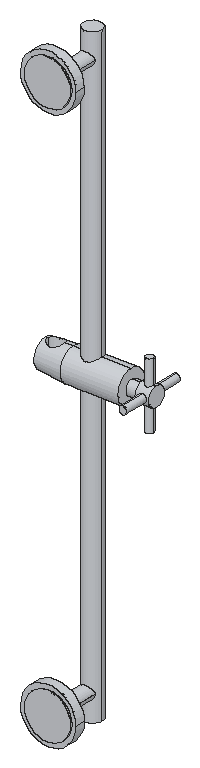
Revit family "SA-1010", category Plumbing Fixtures, host Wall, Revit 2023
Family settings
  Host = Wall
  Round Connector Dimension = Use Diameter
  Part Type = Normal
  OmniClass Number = 23.45.00.00
  OmniClass Title = Sanitary, Laundry, and Cleaning Equipment
  Enable Cutting in Views = No
  Always vertical = Yes
  Cut with Voids When Loaded = No
  Maintain Annotation Orientation = No
  Shared = No
  Room Calculation Point = No
Parameters
  Material = Stainless Steel, Polished
  Default Elevation = 0"
Reference planes (in)
  plane 1: y = 0
  plane 2 "Center (Left/Right)": x = -0.47711
  plane 3 "Back": y = 3
  plane 4: y = 5.6875
  plane 5: y = 4.89813
Text (in)
  text "Placement Side" at (0, 40.15149, 123.01588), in view "Left"
  text "Placement Side" at (-70.3804, 45.82615, 0), in view "Ref. Level"
  text "Placement Side" at (0, 47.49176, 113.10569), in view "Right"
Dimensions and locks (in)
  locked: plane 3 "Back" to host wall
  nested 1 to nested 1 = 23.62205"
  nested 1 to nested 1 = 4 5/8"
  nested 1 to nested 1 = 25 3/4"  (x2)
  host wall to plane 4 = 2 11/16"
  nested 1 to plane 5 = 1 15/16"
  diameter of nested 1 = 2 5/16"
Nested families (in)
  nested 1: "SA-1010" at (-0.47711, 3, 12.96727) x (-1, 0, 0) z (0, 1, 0), type "SA-1010"
Definition of nested family "SA-1010"
  Parameters (values of type "SA-1010")
    Material = none
    Default Elevation = 48"
    Bar Length = 23.62205"
  Reference planes (in)
    plane 1 "Center (Front/Back)": y = 0
    plane 2: z = 0
    plane 3 "Center (Left/Right)": x = 0
    plane 4: y = 11.81102
    plane 5: y = -11.81102
    plane 6: y = 0
    plane 7: z = 2.2938
    plane 8: x = -2.37156
    plane 9: x = 1.49606
    plane 10: z = 2.6875
  Forms (in)
    Extrusion 1, solid
      sketch origin (0, 0, 0) x (1, 0, 0) y (0, 1, 0)
        loop
          line (-48, 48) -> (-48, -48) -> (48, -48) -> (48, 48) -> (-48, 48)
      from 0 to -12
    Extrusion 2, solid, material <- "Material"
      sketch origin (0, 0, 0) x (1, 0, 0) y (0, 1, 0)
        loop
          circle (0, 11.81102) r 1.15625
        loop
          circle (0, -11.81102) r 1.15625
      from 0 to 0.39453
    Extrusion 3, solid, material <- "Material"
      sketch origin (-32.99761, -11.81102, 48) x (-1, 0, 0) y (0, 0, 1)
        loop
          circle (-32.99761, -45.7062) r 0.3937
      from -1.06398 to 24.68602
    Extrusion 4, solid, material <- "Material"
      sketch origin (0, 0, 0.39453) x (1, 0, 0) y (0, 1, 0)
        loop
          circle (0, 11.81102) r 0.29528
        loop
          circle (0, -11.81102) r 0.29528
      from 0 to 1.89927
    Extrusion 5, solid, material <- "Material"
      sketch origin (0, 0, 0) x (0, 1, 0) y (0, 0, 1)
        loop
          circle (0, 2.2938) r 0.68898
      from -1.61417 to 0.7874
    Blend 6, solid, material <- "Material"
      base sketch origin (0.7874, 0, 0) x (0, 1, 0) y (0, 0, 1)
        loop
          circle (0, 2.2938) r 0.68898
      top sketch origin (0.7874, 0, 0) x (0, 1, 0) y (0, 0, 1)
        loop
          circle (0, 2.2938) r 0.59055
      from 0 to 1.1811
    Extrusion 7, solid, material <- "Material"
      sketch origin (-1.61417, 0, 0) x (0, -1, 0) y (0, 0, 1)
        loop
          circle (0, 2.2938) r 0.31496
      from 0 to 0.47244
    Extrusion 8, solid, material <- "Material"
      sketch origin (-2.08661, 0, 0) x (0, -1, 0) y (0, 0, 1)
        loop
          circle (0, 2.2938) r 0.3937
      from 0 to 0.56988
    Extrusion 9, solid, material <- "Material"
      sketch origin (-1.66956, 0, 48) x (-1, 0, 0) y (0, 0, 1)
        loop
          circle (0.702, -45.7062) r 0.15748
      from -1.37795 to 1.37795
    Extrusion 10, solid, material <- "Material"
      sketch origin (0, 2.21903, 2.2938) x (0, -1, 0) y (1, 0, 0)
        loop
          circle (2.21903, -2.37156) r 0.15748
      from -1.37795 to 1.37795
    Extrusion 11, void
      sketch origin (-1.66956, 0, 48) x (1, 0, 0) y (0, 0, 1)
        loop
          circle (3.16562, -45.7062) r 0.35433
      from -1.37795 to 1.37795
    Extrusion 12, solid, material <- "Material"
      sketch origin (0, 0, 0) x (0, 1, 0) y (1, 0, 0)
        loop
          circle (11.81102, 0) r 0.9594
        loop
          circle (-11.81102, 0) r 0.9594
      from 0 to 0.03937
  Cuts and joins
    Extrusion 11 cuts Blend 6
    joined: Extrusion 2, Extrusion 3, Extrusion 4, Extrusion 5, Blend 6, Extrusion 7, Extrusion 8, Extrusion 9, Extrusion 10
  Dimensions and locks (in)
    equal spacing: plane 5, plane 1 "Center (Front/Back)", plane 4
    "Bar Length": plane 4 to plane 5
    plane 7 to level = 2.2938"
    equal spacing: cut or joined group 1 (Extrusion 2, Extrusion 3, Extrusion 4, Extrusion 5, Blend 6, Extrusion 7, Extrusion 8, Extrusion 9, Extrusion 10, Extrusion 11), plane 8, cut or joined group 1
    cut or joined group 1 to cut or joined group 1 = 25 3/4"
    equal spacing: cut or joined group 1, plane 1 "Center (Front/Back)", cut or joined group 1
    aligned and locked: plane 2 to Extrusion 1
    aligned and locked: level to Extrusion 1
    aligned and locked: plane 6 to plane 1 "Center (Front/Back)"
    aligned and locked: plane 7 to cut or joined group 1
  Automatic sketch dimensions
    Extrusion 1 sketch curve to Extrusion 1 sketch curve = 96"  (x2)
    Extrusion 2 sketch curve to plane 3 "Center (Left/Right)" = 0"  (x2)
    Extrusion 2 sketch curve to plane 5 = 0"
    Extrusion 2 sketch curve to plane 4 = 0"
    Extrusion 3 sketch curve to plane 3 "Center (Left/Right)" = 0"
    level to Extrusion 3 sketch curve = 2.2938"
    Extrusion 5 sketch curve to plane 6 = 0"
    level to Extrusion 5 sketch curve = 2.2938"
    Extrusion 9 sketch curve to plane 7 = 0"
    Extrusion 9 sketch curve to plane 8 = 0"
    Extrusion 10 sketch curve to plane 6 = 0"
    Extrusion 10 sketch curve to plane 8 = 0"
    Extrusion 11 sketch curve to plane 7 = 0"
    Extrusion 11 sketch curve to plane 9 = 0"
    radius of Extrusion 2 sketch curve = 1 5/32"  (x2)
    radius of Extrusion 3 sketch curve = 0.3937"
    radius of Extrusion 4 sketch curve to Extrusion 2 = 0.86097"  (x2)
    radius of Extrusion 5 sketch curve = 0.68898"
    radius of Blend 6 sketch curve to Extrusion 5 = 0"
    radius of Blend 6 sketch curve to Extrusion 5 = 0.09843"
    radius of Extrusion 7 sketch curve to Extrusion 5 = 0.37402"
    radius of Extrusion 7 to Extrusion 8 sketch curve = 0.07874"
    radius of Extrusion 9 sketch curve = 0.15748"
    radius of Extrusion 10 sketch curve = 0.15748"
    radius of Extrusion 11 sketch curve = 0.35433"
    radius of Extrusion 12 sketch curve to Extrusion 2 = 0.19685"  (x2)
